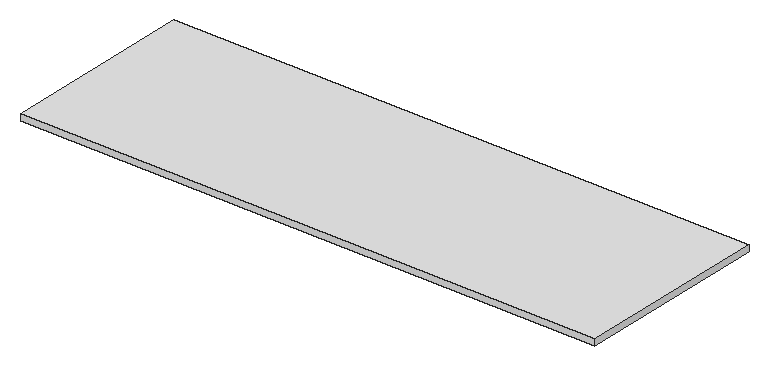
Revit family "5-SHEET-CADS-26-1-1-2-X-4-4-REVIT_Versatex-Generic-Model-1-1-2in-x-48in-SHEET", category Generic Models, host Face, Revit 2026
Family settings
  Host = Face
  Can host rebar = No
  Round Connector Dimension = Use Diameter
  Part Type = Normal
  Cut with Voids When Loaded = No
  Maintain Annotation Orientation = No
  Shared = No
  Room Calculation Point = No
Parameters
  Warranty = "https://versatex.com/warranty/"
  URL = "https://versatex.com/"
  Specification = "https://www.arcat.com/company/versatex-45716/spec?coid=45716"
  Sheet Length [instance] = 12' - 0"
  Sales Information = "https://versatex.com/dealer-locator/"
  Rotation [instance] = 0.00°
  Model = "SHSM01504808"
  Min_Length [instance] = 1' - 0"
  Message Manufacturer = "https://versatex.com/contact/"
  Max_Length [instance] = 20' - 0"
  Material = Versatex PVC - Smooth
  Manufacturer Website = "https://versatex.com/"
  Manufacturer Phone = "724-857-1111"
  Manufacturer Fax = "724-857-1171"
  Manufacturer Address = "400 Steel Street, Aliquippa, PA 15001"
  Manufacturer = "Versatex"
  Literature = "https://versatex.com/literature/?_sft_literature_category=cads"
  Length [instance] = if(Sheet Length < Min_Length, Min_Length, if(Sheet Length > Max_Length, Max_Length, Sheet Length))  # 12' - 0"
  Description = "1-1/2\" X 48\" SHEET"
  Default Elevation = 4' - 0"
  Copyright = "© 2024 VERSATEX Building Products, LLC"
Reference planes (in)
  plane 1 "Center (Front/Back)": y = 0
  plane 2: z = 0
  plane 3 "Center (Left/Right)": x = 0
Forms (in)
  Sweep 1, solid, material "Versatex PVC - Smooth" <- "Material"
    path origin (-24, 0, 0) x (1, 0, 0) y (0, 1, 0)
      loop
        line (-48, 0) -> (96, 0)
    profile "Versatex_Profile_1 1-2” x 48” SHEET : Versatex_Profile_1 1-2” x 48” SHEET" origin (0, 0, 0) x (0, 1, 0) y (0, 0, 1)
      loop
        line (-24, 1.5) -> (-24, 0) -> (24, 0) -> (24, 1.5) -> (-24, 1.5)
Dimensions and locks (in)
  host sketch curve to host sketch curve = 12' - 0"
  "Length": Sweep 1 sketch curve to Sweep 1 sketch curve
  equal spacing: Sweep 1, plane 3 "Center (Left/Right)", Sweep 1, locked at 72 each
  "Rotation": angle plane 1 "Center (Front/Back)" to Sweep 1 sketch curve
  aligned and locked: host face to plane 2
  aligned and locked: host face to level
Automatic sketch dimensions
  host sketch curve to host sketch curve = 30' - 0"
  plane 1 "Center (Front/Back)" to Sweep 1 sketch curve = 0' - 0"
  Sweep 1 sketch curve to plane 3 "Center (Left/Right)" = 6' - 0"
